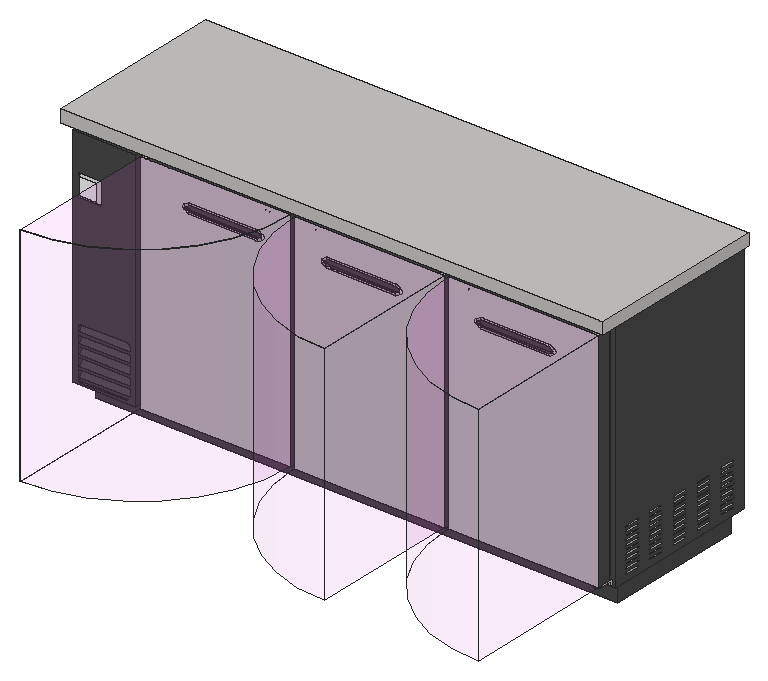
Revit family "QF_Kelvinator_738271_KCHBB72S_3-Solid_Door_Back_Bar_Refrigerator_Black_73_Long", category Specialty Equipment, Revit 2021
Family settings
  Round Connector Dimension = Use Diameter
  Part Type = Normal
  Work Plane-Based = No
  Always vertical = Yes
  Cut with Voids When Loaded = No
  Shared = No
  Room Calculation Point = No
Parameters
  Weight in Pounds = 268.964
  Watts = 300 W
  Volts = 115 V
  URL Cutsheet = ""
  Specification by User = ""
  Specification by Manufacturer = ""
  Serial Number = ""
  Seismic Rating = ""
  SMACNA No = ""
  Revision Code = ""
  Refrigerant Type = "R290"
  Phase = 1
  Number of Poles = 1
  NAFEM Spec ID Number = ""
  Model = "738271 (KCHBB72S)"
  Min Ckt Ampacity = 0 A
  Max Overcurrent Protection = 0 A
  Masterspec = ""
  Manufacturer = "Kelvinator Commercial"
  Length = 73.071"
  Item Number = "738271"
  Installed By = ""
  Identify Quantity as Lot = yes
  Height = 36.220"
  HP = "1/5"
  Furnished By = ""
  Foodservice Equipment Identifier = yes
  FL Amps = 3 A
  Electrical Remarks = ""
  Electric Connection Type = ""
  Elec Conn RI Height = 0.000"
  Elec Conn Connection Height = 0.000"
  Description = "3-Solid Door Back Bar Refrigerator Black 73\" Long"
  Depth = 24.409"
  Default Elevation = 0.000"
  Cycle = 60 Hz
  Conn Plug = "5-15P"
  Conn Conduit = yes
  CSI MasterFormat = ""
  Apparent Power = 0 VA
Reference planes (in)
  plane 1 "BACK": y = 0
  plane 2: z = 0
  plane 3 "LEFT": x = 0
  plane 4 "RIGHT": x = 73.071
  plane 5 "FRONT": y = -24.409
  plane 6 "TOP": z = 36.22
  plane 7 "Center Y": x = 36.5355
  plane 8 "Center X": y = -12.2045
Dimensions and locks (in)
  equal spacing: plane 3 "LEFT", plane 7 "Center Y", plane 4 "RIGHT"
  "Length": plane 3 "LEFT" to plane 4 "RIGHT"
  equal spacing: plane 5 "FRONT", plane 8 "Center X", plane 1 "BACK"
  "Depth": plane 5 "FRONT" to plane 1 "BACK"
  "Height": plane 6 "TOP" to level
  aligned and locked: level to plane 2
Nested families (in)
  nested 1: "KCHBB48S" at (0, 0, 0), type "KCHBB48S"
    with Show Clearance yes
Connectors (in)
  electrical at (36.53125, -0.715, 2.1875), driven by "Volts", driven by "Watts"
    settings: on nested 1, index 1, voltage 115 V, apparent load 300 VA, apparent load phase1 0 VA, apparent load phase2 0 VA, apparent load phase3 0 VA, power factor 1, load classification "Other", number of poles 1, system type 30, power factor state 1, is connector primary yes, connector utility no, sub classification motor no, connector description ""
Definition of nested family "KCHBB48S"
  Parameters (values of type "KCHBB48S")
    Weight in Pounds = 0
    URL Cutsheet = ""
    Specification by User = ""
    Specification by Manufacturer = ""
    Show Clearance [instance] = yes
    Serial Number = ""
    Seismic Rating = ""
    SMACNA No = ""
    Revision Code = ""
    NAFEM Spec ID Number = ""
    Masterspec = ""
    Length = 73.0625"
    Item Number = ""
    Installed By = ""
    Identify Quantity as Lot = yes
    Height = 36.1875"
    Furnished By = ""
    Foodservice Equipment Identifier = yes
    Depth = 24.4375"
    Default Elevation = 0.000"
    CSI MasterFormat = ""
  Reference planes (in)
    plane 1 "BACK": y = 0
    plane 2: z = 0
    plane 3 "LEFT": x = 0
    plane 4 "RIGHT": x = 73.0625
    plane 5 "FRONT": y = -24.4375
    plane 6 "TOP": z = 36.1875
    plane 7 "Center Y": x = 36.53125
    plane 8 "Center X": y = -12.21875
    plane 9: x = 72.46875
    plane 10: x = 0.59375
    plane 11: x = 71.96875
    plane 12: x = 51.76875
    plane 13: x = 30.46875
    plane 14: x = 10.26875
    plane 15: x = 9.68375
    plane 16: x = 1.18375
    plane 17: z = 2.6875
    plane 18: z = 34.5875
    plane 19: y = -40.8
    plane 20: y = -21.6
    plane 21: x = 1.34375
    plane 22: x = 71.71875
    plane 23: y = -1.34
    plane 24: y = -20.26
    plane 25: z = 33.8375
    plane 26: z = 3.4375
    plane 27: y = -22.1
    plane 28: x = 1.93375
    plane 29: x = 8.93375
    plane 30: x = 51.26875
    plane 31: x = 31.06875
  Forms (in)
    Extrusion 1, solid
      sketch origin (0.59375, -180, -2.6612) x (0, 0, -1) y (0, -1, 0)
        loop
          line (-5.3487, -180) -> (-5.3487, -158.4) -> (-37.2487, -158.4) -> (-37.2487, -180) -> (-5.3487, -180)
      from 0 to -71.875
    Extrusion 2, solid
      sketch origin (0, 0, 0) x (0, 1, 0) y (0, 0, 1)
        loop
          line (-24.4375, 36.1875) -> (-24.4375, 34.5875) -> (0, 34.5875) -> (0, 36.1875) -> (-24.4375, 36.1875)
      from 0 to 73.0625
    Extrusion 3, solid
      sketch origin (0, -1.34, 0) x (0, 0, -1) y (1, 0, 0)
        loop
          line (-2.6875, 1.34375) -> (0, 1.34375) -> (0, 71.71875) -> (-2.6875, 71.71875) -> (-2.6875, 1.34375)
      from 0 to 18.92
    Extrusion 4, solid
      sketch origin (0, -22.1, 34.5875) x (0, 0, 1) y (1, 0, 0)
        loop
          line (-0.75, 1.18375) -> (-0.75, 9.68375) -> (-31.15, 9.68375) -> (-31.15, 1.18375) -> (-0.75, 1.18375)
      from 0.5 to -1.75
    Extrusion 5, void
      sketch origin (1.93375, -180, 12.66737) x (0, 0, -1) y (0, -1, 0)
        loop
          line (8.97987, -157.025) -> (8.97987, -154.65) -> (1.85487, -154.65) -> (1.85487, -157.025) -> (2.10487, -157.025) -> (2.97987, -156.15) -> (3.22987, -156.15) -> (3.22987, -157.025) -> (3.47987, -157.025) -> (4.35487, -156.15) -> (4.60487, -156.15) -> (4.60487, -157.025) -> (4.85487, -157.025) -> (5.72987, -156.15) -> (5.97987, -156.15) -> (5.97987, -157.025) -> (6.22987, -157.025) -> (7.10487, -156.15) -> (7.35487, -156.15) -> (7.35487, -157.025) -> (7.60487, -157.025) -> (8.47987, -156.15) -> (8.72987, -156.15) -> (8.72987, -157.025) -> (8.97987, -157.025)
      from 0 to -7
    Extrusion 6, solid
      sketch origin (71.96875, -23.85, 3.4375) x (0, 0, 1) y (-1, 0, 0)
        loop
          line (7.375, 63.535) -> (7.375, 69.535)
          arc (7.375, 69.535) -> (7.22855, 69.88855) -> (6.875, 70.035) r 0.5
          line (6.875, 70.035) -> (0.75, 70.035)
          arc (0.75, 70.035) -> (0.39645, 69.88855) -> (0.25, 69.535) r 0.5
          line (0.25, 69.535) -> (0.25, 63.535)
          arc (0.25, 63.535) -> (0.39645, 63.18145) -> (0.75, 63.035) r 0.5
          line (0.75, 63.035) -> (6.875, 63.035)
          arc (6.875, 63.035) -> (7.22855, 63.18145) -> (7.375, 63.535) r 0.5
        loop
          line (7.625, 63.535) -> (7.625, 69.535)
          arc (7.625, 69.535) -> (7.40533, 70.06533) -> (6.875, 70.285) r 0.75
          line (6.875, 70.285) -> (0.75, 70.285)
          arc (0.75, 70.285) -> (0.21967, 70.06533) -> (0, 69.535) r 0.75
          line (0, 69.535) -> (0, 63.535)
          arc (0, 63.535) -> (0.21967, 63.00467) -> (0.75, 62.785) r 0.75
          line (0.75, 62.785) -> (6.875, 62.785)
          arc (6.875, 62.785) -> (7.40533, 63.00467) -> (7.625, 63.535) r 0.75
      from 0 to -0.875
    Blend 7, solid
      base sketch origin (71.96875, -23.85, 3.4375) x (0, 0, 1) y (-1, 0, 0)
        loop
          line (25.18493, 69.65025) -> (22.93493, 69.65025) -> (22.93493, 67.40025) -> (25.18493, 67.40025) -> (25.18493, 69.65025)
      top sketch origin (71.96875, -23.85, 3.4375) x (0, 0, 1) y (-1, 0, 0)
        loop
          line (25.56493, 70.03025) -> (22.55493, 70.03025) -> (22.55493, 67.02025) -> (25.56493, 67.02025) -> (25.56493, 70.03025)
      from 0.21643 to 0
    Extrusion 8, void
      sketch origin (0.59375, -180, -2.6612) x (0, 0, 1) y (0, -1, 0)
        loop
          arc (12.07129, -160.16063) -> (11.91504, -160.00438) -> (11.75879, -160.16063) r 0.15625
          line (11.75879, -160.16063) -> (11.75879, -162.09813)
          arc (11.75879, -162.09813) -> (11.91504, -162.25438) -> (12.07129, -162.09813) r 0.15625
          line (12.07129, -162.09813) -> (12.07129, -160.16063)
        loop
          arc (11.50879, -160.16063) -> (11.35254, -160.00438) -> (11.19629, -160.16063) r 0.15625
          line (11.19629, -160.16063) -> (11.19629, -162.09813)
          arc (11.19629, -162.09813) -> (11.35254, -162.25438) -> (11.50879, -162.09813) r 0.15625
          line (11.50879, -162.09813) -> (11.50879, -160.16063)
        loop
          arc (10.94629, -160.16063) -> (10.79004, -160.00438) -> (10.63379, -160.16063) r 0.15625
          line (10.63379, -160.16063) -> (10.63379, -162.09813)
          arc (10.63379, -162.09813) -> (10.79004, -162.25438) -> (10.94629, -162.09813) r 0.15625
          line (10.94629, -162.09813) -> (10.94629, -160.16063)
        loop
          arc (10.38379, -160.16063) -> (10.22754, -160.00438) -> (10.07129, -160.16063) r 0.15625
          line (10.07129, -160.16063) -> (10.07129, -162.09813)
          arc (10.07129, -162.09813) -> (10.22754, -162.25438) -> (10.38379, -162.09813) r 0.15625
          line (10.38379, -162.09813) -> (10.38379, -160.16063)
        loop
          arc (9.82129, -160.16063) -> (9.66504, -160.00438) -> (9.50879, -160.16063) r 0.15625
          line (9.50879, -160.16063) -> (9.50879, -162.09813)
          arc (9.50879, -162.09813) -> (9.66504, -162.25438) -> (9.82129, -162.09813) r 0.15625
          line (9.82129, -162.09813) -> (9.82129, -160.16063)
        loop
          arc (9.25879, -160.16063) -> (9.10254, -160.00438) -> (8.94629, -160.16063) r 0.15625
          line (8.94629, -160.16063) -> (8.94629, -162.09813)
          arc (8.94629, -162.09813) -> (9.10254, -162.25438) -> (9.25879, -162.09813) r 0.15625
          line (9.25879, -162.09813) -> (9.25879, -160.16063)
        loop
          arc (8.69629, -160.16063) -> (8.54004, -160.00438) -> (8.38379, -160.16063) r 0.15625
          line (8.38379, -160.16063) -> (8.38379, -162.09813)
          arc (8.38379, -162.09813) -> (8.54004, -162.25438) -> (8.69629, -162.09813) r 0.15625
          line (8.69629, -162.09813) -> (8.69629, -160.16063)
        loop
          arc (8.13379, -160.16063) -> (7.97754, -160.00438) -> (7.82129, -160.16063) r 0.15625
          line (7.82129, -160.16063) -> (7.82129, -162.09813)
          arc (7.82129, -162.09813) -> (7.97754, -162.25438) -> (8.13379, -162.09813) r 0.15625
          line (8.13379, -162.09813) -> (8.13379, -160.16063)
        loop
          arc (7.57129, -160.16063) -> (7.41504, -160.00438) -> (7.25879, -160.16063) r 0.15625
          line (7.25879, -160.16063) -> (7.25879, -162.09813)
          arc (7.25879, -162.09813) -> (7.41504, -162.25438) -> (7.57129, -162.09813) r 0.15625
          line (7.57129, -162.09813) -> (7.57129, -160.16063)
        loop
          arc (7.00879, -160.16063) -> (6.85254, -160.00438) -> (6.69629, -160.16063) r 0.15625
          line (6.69629, -160.16063) -> (6.69629, -162.09813)
          arc (6.69629, -162.09813) -> (6.85254, -162.25438) -> (7.00879, -162.09813) r 0.15625
          line (7.00879, -162.09813) -> (7.00879, -160.16063)
        loop
          arc (6.44629, -160.16063) -> (6.29004, -160.00438) -> (6.13379, -160.16063) r 0.15625
          line (6.13379, -160.16063) -> (6.13379, -162.09813)
          arc (6.13379, -162.09813) -> (6.29004, -162.25438) -> (6.44629, -162.09813) r 0.15625
          line (6.44629, -162.09813) -> (6.44629, -160.16063)
        loop
          arc (12.07129, -164.16063) -> (11.91504, -164.00438) -> (11.75879, -164.16063) r 0.15625
          line (11.75879, -164.16063) -> (11.75879, -166.09813)
          arc (11.75879, -166.09813) -> (11.91504, -166.25438) -> (12.07129, -166.09813) r 0.15625
          line (12.07129, -166.09813) -> (12.07129, -164.16063)
        loop
          arc (11.50879, -164.16063) -> (11.35254, -164.00438) -> (11.19629, -164.16063) r 0.15625
          line (11.19629, -164.16063) -> (11.19629, -166.09813)
          arc (11.19629, -166.09813) -> (11.35254, -166.25438) -> (11.50879, -166.09813) r 0.15625
          line (11.50879, -166.09813) -> (11.50879, -164.16063)
        loop
          arc (10.94629, -164.16063) -> (10.79004, -164.00438) -> (10.63379, -164.16063) r 0.15625
          line (10.63379, -164.16063) -> (10.63379, -166.09813)
          arc (10.63379, -166.09813) -> (10.79004, -166.25438) -> (10.94629, -166.09813) r 0.15625
          line (10.94629, -166.09813) -> (10.94629, -164.16063)
        loop
          arc (10.38379, -164.16063) -> (10.22754, -164.00438) -> (10.07129, -164.16063) r 0.15625
          line (10.07129, -164.16063) -> (10.07129, -166.09813)
          arc (10.07129, -166.09813) -> (10.22754, -166.25438) -> (10.38379, -166.09813) r 0.15625
          line (10.38379, -166.09813) -> (10.38379, -164.16063)
        loop
          arc (9.82129, -164.16063) -> (9.66504, -164.00438) -> (9.50879, -164.16063) r 0.15625
          line (9.50879, -164.16063) -> (9.50879, -166.09813)
          arc (9.50879, -166.09813) -> (9.66504, -166.25438) -> (9.82129, -166.09813) r 0.15625
          line (9.82129, -166.09813) -> (9.82129, -164.16063)
        loop
          arc (9.25879, -164.16063) -> (9.10254, -164.00438) -> (8.94629, -164.16063) r 0.15625
          line (8.94629, -164.16063) -> (8.94629, -166.09813)
          arc (8.94629, -166.09813) -> (9.10254, -166.25438) -> (9.25879, -166.09813) r 0.15625
          line (9.25879, -166.09813) -> (9.25879, -164.16063)
        loop
          arc (8.69629, -164.16063) -> (8.54004, -164.00438) -> (8.38379, -164.16063) r 0.15625
          line (8.38379, -164.16063) -> (8.38379, -166.09813)
          arc (8.38379, -166.09813) -> (8.54004, -166.25438) -> (8.69629, -166.09813) r 0.15625
          line (8.69629, -166.09813) -> (8.69629, -164.16063)
        loop
          arc (8.13379, -164.16063) -> (7.97754, -164.00438) -> (7.82129, -164.16063) r 0.15625
          line (7.82129, -164.16063) -> (7.82129, -166.09813)
          arc (7.82129, -166.09813) -> (7.97754, -166.25438) -> (8.13379, -166.09813) r 0.15625
          line (8.13379, -166.09813) -> (8.13379, -164.16063)
        loop
          arc (7.57129, -164.16063) -> (7.41504, -164.00438) -> (7.25879, -164.16063) r 0.15625
          line (7.25879, -164.16063) -> (7.25879, -166.09813)
          arc (7.25879, -166.09813) -> (7.41504, -166.25438) -> (7.57129, -166.09813) r 0.15625
          line (7.57129, -166.09813) -> (7.57129, -164.16063)
        loop
          arc (7.00879, -164.16063) -> (6.85254, -164.00438) -> (6.69629, -164.16063) r 0.15625
          line (6.69629, -164.16063) -> (6.69629, -166.09813)
          arc (6.69629, -166.09813) -> (6.85254, -166.25438) -> (7.00879, -166.09813) r 0.15625
          line (7.00879, -166.09813) -> (7.00879, -164.16063)
        loop
          arc (6.44629, -164.16063) -> (6.29004, -164.00438) -> (6.13379, -164.16063) r 0.15625
          line (6.13379, -164.16063) -> (6.13379, -166.09813)
          arc (6.13379, -166.09813) -> (6.29004, -166.25438) -> (6.44629, -166.09813) r 0.15625
          line (6.44629, -166.09813) -> (6.44629, -164.16063)
        loop
          arc (12.07129, -168.16063) -> (11.91504, -168.00438) -> (11.75879, -168.16063) r 0.15625
          line (11.75879, -168.16063) -> (11.75879, -170.09813)
          arc (11.75879, -170.09813) -> (11.91504, -170.25438) -> (12.07129, -170.09813) r 0.15625
          line (12.07129, -170.09813) -> (12.07129, -168.16063)
        loop
          arc (11.50879, -168.16063) -> (11.35254, -168.00438) -> (11.19629, -168.16063) r 0.15625
          line (11.19629, -168.16063) -> (11.19629, -170.09813)
          arc (11.19629, -170.09813) -> (11.35254, -170.25438) -> (11.50879, -170.09813) r 0.15625
          line (11.50879, -170.09813) -> (11.50879, -168.16063)
        loop
          arc (10.94629, -168.16063) -> (10.79004, -168.00438) -> (10.63379, -168.16063) r 0.15625
          line (10.63379, -168.16063) -> (10.63379, -170.09813)
          arc (10.63379, -170.09813) -> (10.79004, -170.25438) -> (10.94629, -170.09813) r 0.15625
          line (10.94629, -170.09813) -> (10.94629, -168.16063)
        loop
          arc (10.38379, -168.16063) -> (10.22754, -168.00438) -> (10.07129, -168.16063) r 0.15625
          line (10.07129, -168.16063) -> (10.07129, -170.09813)
          arc (10.07129, -170.09813) -> (10.22754, -170.25438) -> (10.38379, -170.09813) r 0.15625
          line (10.38379, -170.09813) -> (10.38379, -168.16063)
        loop
          arc (9.82129, -168.16063) -> (9.66504, -168.00438) -> (9.50879, -168.16063) r 0.15625
          line (9.50879, -168.16063) -> (9.50879, -170.09813)
          arc (9.50879, -170.09813) -> (9.66504, -170.25438) -> (9.82129, -170.09813) r 0.15625
          line (9.82129, -170.09813) -> (9.82129, -168.16063)
        loop
          arc (9.25879, -168.16063) -> (9.10254, -168.00438) -> (8.94629, -168.16063) r 0.15625
          line (8.94629, -168.16063) -> (8.94629, -170.09813)
          arc (8.94629, -170.09813) -> (9.10254, -170.25438) -> (9.25879, -170.09813) r 0.15625
          line (9.25879, -170.09813) -> (9.25879, -168.16063)
        loop
          arc (8.69629, -168.16063) -> (8.54004, -168.00438) -> (8.38379, -168.16063) r 0.15625
          line (8.38379, -168.16063) -> (8.38379, -170.09813)
          arc (8.38379, -170.09813) -> (8.54004, -170.25438) -> (8.69629, -170.09813) r 0.15625
          line (8.69629, -170.09813) -> (8.69629, -168.16063)
        loop
          arc (8.13379, -168.16063) -> (7.97754, -168.00438) -> (7.82129, -168.16063) r 0.15625
          line (7.82129, -168.16063) -> (7.82129, -170.09813)
          arc (7.82129, -170.09813) -> (7.97754, -170.25438) -> (8.13379, -170.09813) r 0.15625
          line (8.13379, -170.09813) -> (8.13379, -168.16063)
        loop
          arc (7.57129, -168.16063) -> (7.41504, -168.00438) -> (7.25879, -168.16063) r 0.15625
          line (7.25879, -168.16063) -> (7.25879, -170.09813)
          arc (7.25879, -170.09813) -> (7.41504, -170.25438) -> (7.57129, -170.09813) r 0.15625
          line (7.57129, -170.09813) -> (7.57129, -168.16063)
        loop
          arc (7.00879, -168.16063) -> (6.85254, -168.00438) -> (6.69629, -168.16063) r 0.15625
          line (6.69629, -168.16063) -> (6.69629, -170.09813)
          arc (6.69629, -170.09813) -> (6.85254, -170.25438) -> (7.00879, -170.09813) r 0.15625
          line (7.00879, -170.09813) -> (7.00879, -168.16063)
        loop
          arc (6.44629, -168.16063) -> (6.29004, -168.00438) -> (6.13379, -168.16063) r 0.15625
          line (6.13379, -168.16063) -> (6.13379, -170.09813)
          arc (6.13379, -170.09813) -> (6.29004, -170.25438) -> (6.44629, -170.09813) r 0.15625
          line (6.44629, -170.09813) -> (6.44629, -168.16063)
        loop
          arc (12.07129, -172.16063) -> (11.91504, -172.00438) -> (11.75879, -172.16063) r 0.15625
          line (11.75879, -172.16063) -> (11.75879, -174.09813)
          arc (11.75879, -174.09813) -> (11.91504, -174.25438) -> (12.07129, -174.09813) r 0.15625
          line (12.07129, -174.09813) -> (12.07129, -172.16063)
        loop
          arc (11.50879, -172.16063) -> (11.35254, -172.00438) -> (11.19629, -172.16063) r 0.15625
          line (11.19629, -172.16063) -> (11.19629, -174.09813)
          arc (11.19629, -174.09813) -> (11.35254, -174.25438) -> (11.50879, -174.09813) r 0.15625
          line (11.50879, -174.09813) -> (11.50879, -172.16063)
        loop
          arc (10.94629, -172.16063) -> (10.79004, -172.00438) -> (10.63379, -172.16063) r 0.15625
          line (10.63379, -172.16063) -> (10.63379, -174.09813)
          arc (10.63379, -174.09813) -> (10.79004, -174.25438) -> (10.94629, -174.09813) r 0.15625
          line (10.94629, -174.09813) -> (10.94629, -172.16063)
        loop
          arc (10.38379, -172.16063) -> (10.22754, -172.00438) -> (10.07129, -172.16063) r 0.15625
          line (10.07129, -172.16063) -> (10.07129, -174.09813)
          arc (10.07129, -174.09813) -> (10.22754, -174.25438) -> (10.38379, -174.09813) r 0.15625
          line (10.38379, -174.09813) -> (10.38379, -172.16063)
        loop
          arc (9.82129, -172.16063) -> (9.66504, -172.00438) -> (9.50879, -172.16063) r 0.15625
          line (9.50879, -172.16063) -> (9.50879, -174.09813)
          arc (9.50879, -174.09813) -> (9.66504, -174.25438) -> (9.82129, -174.09813) r 0.15625
          line (9.82129, -174.09813) -> (9.82129, -172.16063)
        loop
          arc (9.25879, -172.16063) -> (9.10254, -172.00438) -> (8.94629, -172.16063) r 0.15625
          line (8.94629, -172.16063) -> (8.94629, -174.09813)
          arc (8.94629, -174.09813) -> (9.10254, -174.25438) -> (9.25879, -174.09813) r 0.15625
          line (9.25879, -174.09813) -> (9.25879, -172.16063)
        loop
          arc (8.69629, -172.16063) -> (8.54004, -172.00438) -> (8.38379, -172.16063) r 0.15625
          line (8.38379, -172.16063) -> (8.38379, -174.09813)
          arc (8.38379, -174.09813) -> (8.54004, -174.25438) -> (8.69629, -174.09813) r 0.15625
          line (8.69629, -174.09813) -> (8.69629, -172.16063)
        loop
          arc (8.13379, -172.16063) -> (7.97754, -172.00438) -> (7.82129, -172.16063) r 0.15625
          line (7.82129, -172.16063) -> (7.82129, -174.09813)
          arc (7.82129, -174.09813) -> (7.97754, -174.25438) -> (8.13379, -174.09813) r 0.15625
          line (8.13379, -174.09813) -> (8.13379, -172.16063)
        loop
          arc (7.57129, -172.16063) -> (7.41504, -172.00438) -> (7.25879, -172.16063) r 0.15625
          line (7.25879, -172.16063) -> (7.25879, -174.09813)
          arc (7.25879, -174.09813) -> (7.41504, -174.25438) -> (7.57129, -174.09813) r 0.15625
          line (7.57129, -174.09813) -> (7.57129, -172.16063)
        loop
          arc (7.00879, -172.16063) -> (6.85254, -172.00438) -> (6.69629, -172.16063) r 0.15625
          line (6.69629, -172.16063) -> (6.69629, -174.09813)
          arc (6.69629, -174.09813) -> (6.85254, -174.25438) -> (7.00879, -174.09813) r 0.15625
          line (7.00879, -174.09813) -> (7.00879, -172.16063)
        loop
          arc (6.44629, -172.16063) -> (6.29004, -172.00438) -> (6.13379, -172.16063) r 0.15625
          line (6.13379, -172.16063) -> (6.13379, -174.09813)
          arc (6.13379, -174.09813) -> (6.29004, -174.25438) -> (6.44629, -174.09813) r 0.15625
          line (6.44629, -174.09813) -> (6.44629, -172.16063)
        loop
          arc (12.07129, -176.16063) -> (11.91504, -176.00438) -> (11.75879, -176.16063) r 0.15625
          line (11.75879, -176.16063) -> (11.75879, -178.09813)
          arc (11.75879, -178.09813) -> (11.91504, -178.25438) -> (12.07129, -178.09813) r 0.15625
          line (12.07129, -178.09813) -> (12.07129, -176.16063)
        loop
          arc (11.50879, -176.16063) -> (11.35254, -176.00438) -> (11.19629, -176.16063) r 0.15625
          line (11.19629, -176.16063) -> (11.19629, -178.09813)
          arc (11.19629, -178.09813) -> (11.35254, -178.25438) -> (11.50879, -178.09813) r 0.15625
          line (11.50879, -178.09813) -> (11.50879, -176.16063)
        loop
          arc (10.94629, -176.16063) -> (10.79004, -176.00438) -> (10.63379, -176.16063) r 0.15625
          line (10.63379, -176.16063) -> (10.63379, -178.09813)
          arc (10.63379, -178.09813) -> (10.79004, -178.25438) -> (10.94629, -178.09813) r 0.15625
          line (10.94629, -178.09813) -> (10.94629, -176.16063)
        loop
          arc (10.38379, -176.16063) -> (10.22754, -176.00438) -> (10.07129, -176.16063) r 0.15625
          line (10.07129, -176.16063) -> (10.07129, -178.09813)
          arc (10.07129, -178.09813) -> (10.22754, -178.25438) -> (10.38379, -178.09813) r 0.15625
          line (10.38379, -178.09813) -> (10.38379, -176.16063)
        loop
          arc (9.82129, -176.16063) -> (9.66504, -176.00438) -> (9.50879, -176.16063) r 0.15625
          line (9.50879, -176.16063) -> (9.50879, -178.09813)
          arc (9.50879, -178.09813) -> (9.66504, -178.25438) -> (9.82129, -178.09813) r 0.15625
          line (9.82129, -178.09813) -> (9.82129, -176.16063)
        loop
          arc (9.25879, -176.16063) -> (9.10254, -176.00438) -> (8.94629, -176.16063) r 0.15625
          line (8.94629, -176.16063) -> (8.94629, -178.09813)
          arc (8.94629, -178.09813) -> (9.10254, -178.25438) -> (9.25879, -178.09813) r 0.15625
          line (9.25879, -178.09813) -> (9.25879, -176.16063)
        loop
          arc (8.69629, -176.16063) -> (8.54004, -176.00438) -> (8.38379, -176.16063) r 0.15625
          line (8.38379, -176.16063) -> (8.38379, -178.09813)
          arc (8.38379, -178.09813) -> (8.54004, -178.25438) -> (8.69629, -178.09813) r 0.15625
          line (8.69629, -178.09813) -> (8.69629, -176.16063)
        loop
          arc (8.13379, -176.16063) -> (7.97754, -176.00438) -> (7.82129, -176.16063) r 0.15625
          line (7.82129, -176.16063) -> (7.82129, -178.09813)
          arc (7.82129, -178.09813) -> (7.97754, -178.25438) -> (8.13379, -178.09813) r 0.15625
          line (8.13379, -178.09813) -> (8.13379, -176.16063)
        loop
          arc (7.57129, -176.16063) -> (7.41504, -176.00438) -> (7.25879, -176.16063) r 0.15625
          line (7.25879, -176.16063) -> (7.25879, -178.09813)
          arc (7.25879, -178.09813) -> (7.41504, -178.25438) -> (7.57129, -178.09813) r 0.15625
          line (7.57129, -178.09813) -> (7.57129, -176.16063)
        loop
          arc (7.00879, -176.16063) -> (6.85254, -176.00438) -> (6.69629, -176.16063) r 0.15625
          line (6.69629, -176.16063) -> (6.69629, -178.09813)
          arc (6.69629, -178.09813) -> (6.85254, -178.25438) -> (7.00879, -178.09813) r 0.15625
          line (7.00879, -178.09813) -> (7.00879, -176.16063)
        loop
          arc (6.44629, -176.16063) -> (6.29004, -176.00438) -> (6.13379, -176.16063) r 0.15625
          line (6.13379, -176.16063) -> (6.13379, -178.09813)
          arc (6.13379, -178.09813) -> (6.29004, -178.25438) -> (6.44629, -178.09813) r 0.15625
          line (6.44629, -178.09813) -> (6.44629, -176.16063)
      from 0 to 0.03
    Extrusion 9, void
      sketch origin (72.46875, -180, -2.6612) x (0, 0, -1) y (0, -1, 0)
        loop
          line (-12.07129, -160.16063) -> (-12.07129, -162.09813)
          arc (-12.07129, -162.09813) -> (-11.91504, -162.25438) -> (-11.75879, -162.09813) r 0.15625
          line (-11.75879, -162.09813) -> (-11.75879, -160.16063)
          arc (-11.75879, -160.16063) -> (-11.91504, -160.00438) -> (-12.07129, -160.16063) r 0.15625
        loop
          line (-11.50879, -160.16063) -> (-11.50879, -162.09813)
          arc (-11.50879, -162.09813) -> (-11.35254, -162.25438) -> (-11.19629, -162.09813) r 0.15625
          line (-11.19629, -162.09813) -> (-11.19629, -160.16063)
          arc (-11.19629, -160.16063) -> (-11.35254, -160.00438) -> (-11.50879, -160.16063) r 0.15625
        loop
          line (-10.94629, -160.16063) -> (-10.94629, -162.09813)
          arc (-10.94629, -162.09813) -> (-10.79004, -162.25438) -> (-10.63379, -162.09813) r 0.15625
          line (-10.63379, -162.09813) -> (-10.63379, -160.16063)
          arc (-10.63379, -160.16063) -> (-10.79004, -160.00438) -> (-10.94629, -160.16063) r 0.15625
        loop
          line (-10.38379, -160.16063) -> (-10.38379, -162.09813)
          arc (-10.38379, -162.09813) -> (-10.22754, -162.25438) -> (-10.07129, -162.09813) r 0.15625
          line (-10.07129, -162.09813) -> (-10.07129, -160.16063)
          arc (-10.07129, -160.16063) -> (-10.22754, -160.00438) -> (-10.38379, -160.16063) r 0.15625
        loop
          line (-9.82129, -160.16063) -> (-9.82129, -162.09813)
          arc (-9.82129, -162.09813) -> (-9.66504, -162.25438) -> (-9.50879, -162.09813) r 0.15625
          line (-9.50879, -162.09813) -> (-9.50879, -160.16063)
          arc (-9.50879, -160.16063) -> (-9.66504, -160.00438) -> (-9.82129, -160.16063) r 0.15625
        loop
          line (-9.25879, -160.16063) -> (-9.25879, -162.09813)
          arc (-9.25879, -162.09813) -> (-9.10254, -162.25438) -> (-8.94629, -162.09813) r 0.15625
          line (-8.94629, -162.09813) -> (-8.94629, -160.16063)
          arc (-8.94629, -160.16063) -> (-9.10254, -160.00438) -> (-9.25879, -160.16063) r 0.15625
        loop
          line (-8.69629, -160.16063) -> (-8.69629, -162.09813)
          arc (-8.69629, -162.09813) -> (-8.54004, -162.25438) -> (-8.38379, -162.09813) r 0.15625
          line (-8.38379, -162.09813) -> (-8.38379, -160.16063)
          arc (-8.38379, -160.16063) -> (-8.54004, -160.00438) -> (-8.69629, -160.16063) r 0.15625
        loop
          line (-8.13379, -160.16063) -> (-8.13379, -162.09813)
          arc (-8.13379, -162.09813) -> (-7.97754, -162.25438) -> (-7.82129, -162.09813) r 0.15625
          line (-7.82129, -162.09813) -> (-7.82129, -160.16063)
          arc (-7.82129, -160.16063) -> (-7.97754, -160.00438) -> (-8.13379, -160.16063) r 0.15625
        loop
          line (-7.57129, -160.16063) -> (-7.57129, -162.09813)
          arc (-7.57129, -162.09813) -> (-7.41504, -162.25438) -> (-7.25879, -162.09813) r 0.15625
          line (-7.25879, -162.09813) -> (-7.25879, -160.16063)
          arc (-7.25879, -160.16063) -> (-7.41504, -160.00438) -> (-7.57129, -160.16063) r 0.15625
        loop
          line (-7.00879, -160.16063) -> (-7.00879, -162.09813)
          arc (-7.00879, -162.09813) -> (-6.85254, -162.25438) -> (-6.69629, -162.09813) r 0.15625
          line (-6.69629, -162.09813) -> (-6.69629, -160.16063)
          arc (-6.69629, -160.16063) -> (-6.85254, -160.00438) -> (-7.00879, -160.16063) r 0.15625
        loop
          line (-6.44629, -160.16063) -> (-6.44629, -162.09813)
          arc (-6.44629, -162.09813) -> (-6.29004, -162.25438) -> (-6.13379, -162.09813) r 0.15625
          line (-6.13379, -162.09813) -> (-6.13379, -160.16063)
          arc (-6.13379, -160.16063) -> (-6.29004, -160.00438) -> (-6.44629, -160.16063) r 0.15625
        loop
          line (-12.07129, -164.16063) -> (-12.07129, -166.09813)
          arc (-12.07129, -166.09813) -> (-11.91504, -166.25438) -> (-11.75879, -166.09813) r 0.15625
          line (-11.75879, -166.09813) -> (-11.75879, -164.16063)
          arc (-11.75879, -164.16063) -> (-11.91504, -164.00438) -> (-12.07129, -164.16063) r 0.15625
        loop
          line (-11.50879, -164.16063) -> (-11.50879, -166.09813)
          arc (-11.50879, -166.09813) -> (-11.35254, -166.25438) -> (-11.19629, -166.09813) r 0.15625
          line (-11.19629, -166.09813) -> (-11.19629, -164.16063)
          arc (-11.19629, -164.16063) -> (-11.35254, -164.00438) -> (-11.50879, -164.16063) r 0.15625
        loop
          line (-10.94629, -164.16063) -> (-10.94629, -166.09813)
          arc (-10.94629, -166.09813) -> (-10.79004, -166.25438) -> (-10.63379, -166.09813) r 0.15625
          line (-10.63379, -166.09813) -> (-10.63379, -164.16063)
          arc (-10.63379, -164.16063) -> (-10.79004, -164.00438) -> (-10.94629, -164.16063) r 0.15625
        loop
          line (-10.38379, -164.16063) -> (-10.38379, -166.09813)
          arc (-10.38379, -166.09813) -> (-10.22754, -166.25438) -> (-10.07129, -166.09813) r 0.15625
          line (-10.07129, -166.09813) -> (-10.07129, -164.16063)
          arc (-10.07129, -164.16063) -> (-10.22754, -164.00438) -> (-10.38379, -164.16063) r 0.15625
        loop
          line (-9.82129, -164.16063) -> (-9.82129, -166.09813)
          arc (-9.82129, -166.09813) -> (-9.66504, -166.25438) -> (-9.50879, -166.09813) r 0.15625
          line (-9.50879, -166.09813) -> (-9.50879, -164.16063)
          arc (-9.50879, -164.16063) -> (-9.66504, -164.00438) -> (-9.82129, -164.16063) r 0.15625
        loop
          line (-9.25879, -164.16063) -> (-9.25879, -166.09813)
          arc (-9.25879, -166.09813) -> (-9.10254, -166.25438) -> (-8.94629, -166.09813) r 0.15625
          line (-8.94629, -166.09813) -> (-8.94629, -164.16063)
          arc (-8.94629, -164.16063) -> (-9.10254, -164.00438) -> (-9.25879, -164.16063) r 0.15625
        loop
          line (-8.69629, -164.16063) -> (-8.69629, -166.09813)
          arc (-8.69629, -166.09813) -> (-8.54004, -166.25438) -> (-8.38379, -166.09813) r 0.15625
          line (-8.38379, -166.09813) -> (-8.38379, -164.16063)
          arc (-8.38379, -164.16063) -> (-8.54004, -164.00438) -> (-8.69629, -164.16063) r 0.15625
        loop
          line (-8.13379, -164.16063) -> (-8.13379, -166.09813)
          arc (-8.13379, -166.09813) -> (-7.97754, -166.25438) -> (-7.82129, -166.09813) r 0.15625
          line (-7.82129, -166.09813) -> (-7.82129, -164.16063)
          arc (-7.82129, -164.16063) -> (-7.97754, -164.00438) -> (-8.13379, -164.16063) r 0.15625
        loop
          line (-7.57129, -164.16063) -> (-7.57129, -166.09813)
          arc (-7.57129, -166.09813) -> (-7.41504, -166.25438) -> (-7.25879, -166.09813) r 0.15625
          line (-7.25879, -166.09813) -> (-7.25879, -164.16063)
          arc (-7.25879, -164.16063) -> (-7.41504, -164.00438) -> (-7.57129, -164.16063) r 0.15625
        loop
          line (-7.00879, -164.16063) -> (-7.00879, -166.09813)
          arc (-7.00879, -166.09813) -> (-6.85254, -166.25438) -> (-6.69629, -166.09813) r 0.15625
          line (-6.69629, -166.09813) -> (-6.69629, -164.16063)
          arc (-6.69629, -164.16063) -> (-6.85254, -164.00438) -> (-7.00879, -164.16063) r 0.15625
        loop
          line (-6.44629, -164.16063) -> (-6.44629, -166.09813)
          arc (-6.44629, -166.09813) -> (-6.29004, -166.25438) -> (-6.13379, -166.09813) r 0.15625
          line (-6.13379, -166.09813) -> (-6.13379, -164.16063)
          arc (-6.13379, -164.16063) -> (-6.29004, -164.00438) -> (-6.44629, -164.16063) r 0.15625
        loop
          line (-12.07129, -168.16063) -> (-12.07129, -170.09813)
          arc (-12.07129, -170.09813) -> (-11.91504, -170.25438) -> (-11.75879, -170.09813) r 0.15625
          line (-11.75879, -170.09813) -> (-11.75879, -168.16063)
          arc (-11.75879, -168.16063) -> (-11.91504, -168.00438) -> (-12.07129, -168.16063) r 0.15625
        loop
          line (-11.50879, -168.16063) -> (-11.50879, -170.09813)
          arc (-11.50879, -170.09813) -> (-11.35254, -170.25438) -> (-11.19629, -170.09813) r 0.15625
          line (-11.19629, -170.09813) -> (-11.19629, -168.16063)
          arc (-11.19629, -168.16063) -> (-11.35254, -168.00438) -> (-11.50879, -168.16063) r 0.15625
        loop
          line (-10.94629, -168.16063) -> (-10.94629, -170.09813)
          arc (-10.94629, -170.09813) -> (-10.79004, -170.25438) -> (-10.63379, -170.09813) r 0.15625
          line (-10.63379, -170.09813) -> (-10.63379, -168.16063)
          arc (-10.63379, -168.16063) -> (-10.79004, -168.00438) -> (-10.94629, -168.16063) r 0.15625
        loop
          line (-10.38379, -168.16063) -> (-10.38379, -170.09813)
          arc (-10.38379, -170.09813) -> (-10.22754, -170.25438) -> (-10.07129, -170.09813) r 0.15625
          line (-10.07129, -170.09813) -> (-10.07129, -168.16063)
          arc (-10.07129, -168.16063) -> (-10.22754, -168.00438) -> (-10.38379, -168.16063) r 0.15625
        loop
          line (-9.82129, -168.16063) -> (-9.82129, -170.09813)
          arc (-9.82129, -170.09813) -> (-9.66504, -170.25438) -> (-9.50879, -170.09813) r 0.15625
          line (-9.50879, -170.09813) -> (-9.50879, -168.16063)
          arc (-9.50879, -168.16063) -> (-9.66504, -168.00438) -> (-9.82129, -168.16063) r 0.15625
        loop
          line (-9.25879, -168.16063) -> (-9.25879, -170.09813)
          arc (-9.25879, -170.09813) -> (-9.10254, -170.25438) -> (-8.94629, -170.09813) r 0.15625
          line (-8.94629, -170.09813) -> (-8.94629, -168.16063)
          arc (-8.94629, -168.16063) -> (-9.10254, -168.00438) -> (-9.25879, -168.16063) r 0.15625
        loop
          line (-8.69629, -168.16063) -> (-8.69629, -170.09813)
          arc (-8.69629, -170.09813) -> (-8.54004, -170.25438) -> (-8.38379, -170.09813) r 0.15625
          line (-8.38379, -170.09813) -> (-8.38379, -168.16063)
          arc (-8.38379, -168.16063) -> (-8.54004, -168.00438) -> (-8.69629, -168.16063) r 0.15625
        loop
          line (-8.13379, -168.16063) -> (-8.13379, -170.09813)
          arc (-8.13379, -170.09813) -> (-7.97754, -170.25438) -> (-7.82129, -170.09813) r 0.15625
          line (-7.82129, -170.09813) -> (-7.82129, -168.16063)
          arc (-7.82129, -168.16063) -> (-7.97754, -168.00438) -> (-8.13379, -168.16063) r 0.15625
        loop
          line (-7.57129, -168.16063) -> (-7.57129, -170.09813)
          arc (-7.57129, -170.09813) -> (-7.41504, -170.25438) -> (-7.25879, -170.09813) r 0.15625
          line (-7.25879, -170.09813) -> (-7.25879, -168.16063)
          arc (-7.25879, -168.16063) -> (-7.41504, -168.00438) -> (-7.57129, -168.16063) r 0.15625
        loop
          line (-7.00879, -168.16063) -> (-7.00879, -170.09813)
          arc (-7.00879, -170.09813) -> (-6.85254, -170.25438) -> (-6.69629, -170.09813) r 0.15625
          line (-6.69629, -170.09813) -> (-6.69629, -168.16063)
          arc (-6.69629, -168.16063) -> (-6.85254, -168.00438) -> (-7.00879, -168.16063) r 0.15625
        loop
          line (-6.44629, -168.16063) -> (-6.44629, -170.09813)
          arc (-6.44629, -170.09813) -> (-6.29004, -170.25438) -> (-6.13379, -170.09813) r 0.15625
          line (-6.13379, -170.09813) -> (-6.13379, -168.16063)
          arc (-6.13379, -168.16063) -> (-6.29004, -168.00438) -> (-6.44629, -168.16063) r 0.15625
        loop
          line (-12.07129, -172.16063) -> (-12.07129, -174.09813)
          arc (-12.07129, -174.09813) -> (-11.91504, -174.25438) -> (-11.75879, -174.09813) r 0.15625
          line (-11.75879, -174.09813) -> (-11.75879, -172.16063)
          arc (-11.75879, -172.16063) -> (-11.91504, -172.00438) -> (-12.07129, -172.16063) r 0.15625
        loop
          line (-11.50879, -172.16063) -> (-11.50879, -174.09813)
          arc (-11.50879, -174.09813) -> (-11.35254, -174.25438) -> (-11.19629, -174.09813) r 0.15625
          line (-11.19629, -174.09813) -> (-11.19629, -172.16063)
          arc (-11.19629, -172.16063) -> (-11.35254, -172.00438) -> (-11.50879, -172.16063) r 0.15625
        loop
          line (-10.94629, -172.16063) -> (-10.94629, -174.09813)
          arc (-10.94629, -174.09813) -> (-10.79004, -174.25438) -> (-10.63379, -174.09813) r 0.15625
          line (-10.63379, -174.09813) -> (-10.63379, -172.16063)
          arc (-10.63379, -172.16063) -> (-10.79004, -172.00438) -> (-10.94629, -172.16063) r 0.15625
        loop
          line (-10.38379, -172.16063) -> (-10.38379, -174.09813)
          arc (-10.38379, -174.09813) -> (-10.22754, -174.25438) -> (-10.07129, -174.09813) r 0.15625
          line (-10.07129, -174.09813) -> (-10.07129, -172.16063)
          arc (-10.07129, -172.16063) -> (-10.22754, -172.00438) -> (-10.38379, -172.16063) r 0.15625
        loop
          line (-9.82129, -172.16063) -> (-9.82129, -174.09813)
          arc (-9.82129, -174.09813) -> (-9.66504, -174.25438) -> (-9.50879, -174.09813) r 0.15625
          line (-9.50879, -174.09813) -> (-9.50879, -172.16063)
          arc (-9.50879, -172.16063) -> (-9.66504, -172.00438) -> (-9.82129, -172.16063) r 0.15625
        loop
          line (-9.25879, -172.16063) -> (-9.25879, -174.09813)
          arc (-9.25879, -174.09813) -> (-9.10254, -174.25438) -> (-8.94629, -174.09813) r 0.15625
          line (-8.94629, -174.09813) -> (-8.94629, -172.16063)
          arc (-8.94629, -172.16063) -> (-9.10254, -172.00438) -> (-9.25879, -172.16063) r 0.15625
        loop
          line (-8.69629, -172.16063) -> (-8.69629, -174.09813)
          arc (-8.69629, -174.09813) -> (-8.54004, -174.25438) -> (-8.38379, -174.09813) r 0.15625
          line (-8.38379, -174.09813) -> (-8.38379, -172.16063)
          arc (-8.38379, -172.16063) -> (-8.54004, -172.00438) -> (-8.69629, -172.16063) r 0.15625
        loop
          line (-8.13379, -172.16063) -> (-8.13379, -174.09813)
          arc (-8.13379, -174.09813) -> (-7.97754, -174.25438) -> (-7.82129, -174.09813) r 0.15625
          line (-7.82129, -174.09813) -> (-7.82129, -172.16063)
          arc (-7.82129, -172.16063) -> (-7.97754, -172.00438) -> (-8.13379, -172.16063) r 0.15625
        loop
          line (-7.57129, -172.16063) -> (-7.57129, -174.09813)
          arc (-7.57129, -174.09813) -> (-7.41504, -174.25438) -> (-7.25879, -174.09813) r 0.15625
          line (-7.25879, -174.09813) -> (-7.25879, -172.16063)
          arc (-7.25879, -172.16063) -> (-7.41504, -172.00438) -> (-7.57129, -172.16063) r 0.15625
        loop
          line (-7.00879, -172.16063) -> (-7.00879, -174.09813)
          arc (-7.00879, -174.09813) -> (-6.85254, -174.25438) -> (-6.69629, -174.09813) r 0.15625
          line (-6.69629, -174.09813) -> (-6.69629, -172.16063)
          arc (-6.69629, -172.16063) -> (-6.85254, -172.00438) -> (-7.00879, -172.16063) r 0.15625
        loop
          line (-6.44629, -172.16063) -> (-6.44629, -174.09813)
          arc (-6.44629, -174.09813) -> (-6.29004, -174.25438) -> (-6.13379, -174.09813) r 0.15625
          line (-6.13379, -174.09813) -> (-6.13379, -172.16063)
          arc (-6.13379, -172.16063) -> (-6.29004, -172.00438) -> (-6.44629, -172.16063) r 0.15625
        loop
          line (-12.07129, -176.16063) -> (-12.07129, -178.09813)
          arc (-12.07129, -178.09813) -> (-11.91504, -178.25438) -> (-11.75879, -178.09813) r 0.15625
          line (-11.75879, -178.09813) -> (-11.75879, -176.16063)
          arc (-11.75879, -176.16063) -> (-11.91504, -176.00438) -> (-12.07129, -176.16063) r 0.15625
        loop
          line (-11.50879, -176.16063) -> (-11.50879, -178.09813)
          arc (-11.50879, -178.09813) -> (-11.35254, -178.25438) -> (-11.19629, -178.09813) r 0.15625
          line (-11.19629, -178.09813) -> (-11.19629, -176.16063)
          arc (-11.19629, -176.16063) -> (-11.35254, -176.00438) -> (-11.50879, -176.16063) r 0.15625
        loop
          line (-10.94629, -176.16063) -> (-10.94629, -178.09813)
          arc (-10.94629, -178.09813) -> (-10.79004, -178.25438) -> (-10.63379, -178.09813) r 0.15625
          line (-10.63379, -178.09813) -> (-10.63379, -176.16063)
          arc (-10.63379, -176.16063) -> (-10.79004, -176.00438) -> (-10.94629, -176.16063) r 0.15625
        loop
          line (-10.38379, -176.16063) -> (-10.38379, -178.09813)
          arc (-10.38379, -178.09813) -> (-10.22754, -178.25438) -> (-10.07129, -178.09813) r 0.15625
          line (-10.07129, -178.09813) -> (-10.07129, -176.16063)
          arc (-10.07129, -176.16063) -> (-10.22754, -176.00438) -> (-10.38379, -176.16063) r 0.15625
        loop
          line (-9.82129, -176.16063) -> (-9.82129, -178.09813)
          arc (-9.82129, -178.09813) -> (-9.66504, -178.25438) -> (-9.50879, -178.09813) r 0.15625
          line (-9.50879, -178.09813) -> (-9.50879, -176.16063)
          arc (-9.50879, -176.16063) -> (-9.66504, -176.00438) -> (-9.82129, -176.16063) r 0.15625
        loop
          line (-9.25879, -176.16063) -> (-9.25879, -178.09813)
          arc (-9.25879, -178.09813) -> (-9.10254, -178.25438) -> (-8.94629, -178.09813) r 0.15625
          line (-8.94629, -178.09813) -> (-8.94629, -176.16063)
          arc (-8.94629, -176.16063) -> (-9.10254, -176.00438) -> (-9.25879, -176.16063) r 0.15625
        loop
          line (-8.69629, -176.16063) -> (-8.69629, -178.09813)
          arc (-8.69629, -178.09813) -> (-8.54004, -178.25438) -> (-8.38379, -178.09813) r 0.15625
          line (-8.38379, -178.09813) -> (-8.38379, -176.16063)
          arc (-8.38379, -176.16063) -> (-8.54004, -176.00438) -> (-8.69629, -176.16063) r 0.15625
        loop
          line (-8.13379, -176.16063) -> (-8.13379, -178.09813)
          arc (-8.13379, -178.09813) -> (-7.97754, -178.25438) -> (-7.82129, -178.09813) r 0.15625
          line (-7.82129, -178.09813) -> (-7.82129, -176.16063)
          arc (-7.82129, -176.16063) -> (-7.97754, -176.00438) -> (-8.13379, -176.16063) r 0.15625
        loop
          line (-7.57129, -176.16063) -> (-7.57129, -178.09813)
          arc (-7.57129, -178.09813) -> (-7.41504, -178.25438) -> (-7.25879, -178.09813) r 0.15625
          line (-7.25879, -178.09813) -> (-7.25879, -176.16063)
          arc (-7.25879, -176.16063) -> (-7.41504, -176.00438) -> (-7.57129, -176.16063) r 0.15625
        loop
          line (-7.00879, -176.16063) -> (-7.00879, -178.09813)
          arc (-7.00879, -178.09813) -> (-6.85254, -178.25438) -> (-6.69629, -178.09813) r 0.15625
          line (-6.69629, -178.09813) -> (-6.69629, -176.16063)
          arc (-6.69629, -176.16063) -> (-6.85254, -176.00438) -> (-7.00879, -176.16063) r 0.15625
        loop
          line (-6.44629, -176.16063) -> (-6.44629, -178.09813)
          arc (-6.44629, -178.09813) -> (-6.29004, -178.25438) -> (-6.13379, -178.09813) r 0.15625
          line (-6.13379, -178.09813) -> (-6.13379, -176.16063)
          arc (-6.13379, -176.16063) -> (-6.29004, -176.00438) -> (-6.44629, -176.16063) r 0.15625
      from 0 to 0.03
    Extrusion 10, solid
      sketch origin (0.59375, 0, 2.6875) x (-1, 0, 0) y (0, 1, 0)
        loop
          circle (-35.9375, -0.715) r 0.25
      from 0 to 0.5
  Cuts and joins
    Extrusion 5 cuts Extrusion 4
    joined: Extrusion 4, Extrusion 6
    Extrusion 8, Extrusion 9 cuts Extrusion 1
  Lines and regions (in)
    Split face 1
      outline origin (3.4435, -24.06643, 28.62243) x (1, 0, 0) y (0, 0.49491, 0.868944)
        loop
          line (-1.21875, 0.43731) -> (-0.97039, 0.18895) -> (0.97039, 0.18895) -> (1.21875, 0.43731)
    Split face 2
      outline origin (2.3185, -24.06643, 27.49743) x (0, 0, 1) y (-0.868944, 0.49491, 0)
        loop
          line (1.18615, 0.43731) -> (0.93617, 0.18733) -> (-0.93617, 0.18733) -> (-1.18615, 0.43731)
    Split face 3
      outline origin (4.5685, -24.06643, 27.49743) x (0, 0, -1) y (0.868944, 0.49491, 0)
        loop
          line (-1.19007, 0.43731) -> (-0.98384, 0.15014) -> (0.98384, 0.15014) -> (1.19007, 0.43731)
    Split face 4
      outline origin (3.4435, -24.06643, 26.37243) x (-1, 0, 0) y (0, 0.49491, -0.868944)
        loop
          line (1.22528, 0.43731) -> (0.97787, 0.1899) -> (-0.97787, 0.1899) -> (-1.22528, 0.43731)
    Split face 5
      outline origin (71.96875, -24.06643, 3.4375) x (0, 0, 1) y (-1, 0, 0)
        loop
          line (24.38945, 69.65025) -> (24.38945, 67.40025)
    Split face 6
      outline origin (71.96875, -24.06643, 3.4375) x (0, 0, 1) y (-1, 0, 0)
        loop
          line (24.25741, 68.81122) -> (23.12376, 68.81122) -> (23.12376, 68.18607) -> (24.25741, 68.18607) -> (24.25741, 68.81122)
    Split face 7
      outline origin (71.96875, -24.06643, 3.4375) x (0, 0, 1) y (-1, 0, 0)
        loop
          line (24.19741, 68.24607) -> (24.19741, 68.75122) -> (23.18376, 68.75122) -> (23.18376, 68.24607) -> (24.19741, 68.24607)
    symbolic lines
      curve 1: line (73.0625, 0, 0) -> (0, 0, 0)
      curve 2: line (0, 0, 0) -> (0, -24.4375, 0)
      curve 3: line (0, -24.4375, 0) -> (73.0625, -24.4375, 0)
      curve 4: line (73.0625, -24.4375, 0) -> (73.0625, 0, 0)
  Dimensions and locks (in)
    equal spacing: plane 3 "LEFT", plane 7 "Center Y", plane 4 "RIGHT"
    "Length": plane 3 "LEFT" to plane 4 "RIGHT"
    equal spacing: plane 5 "FRONT", plane 8 "Center X", plane 1 "BACK"
    "Depth": plane 5 "FRONT" to plane 1 "BACK"
    "Height": plane 6 "TOP" to level
    plane 10 to plane 9 = 71.875"
    plane 4 "RIGHT" to plane 3 "LEFT" = 73.0625"
    plane 6 "TOP" to plane 17 = 33.500"
    plane 19 to plane 1 "BACK" = 40.800"
    plane 5 "FRONT" to plane 1 "BACK" = 24.4375"
    plane 20 to plane 1 "BACK" = 21.600"
    plane 12 to plane 11 = 20.200"
    plane 14 to plane 13 = 20.200"
    locked: plane 9 to plane 22 at 0.75
    locked: plane 9 to plane 4 "RIGHT" at 0.59375
    locked: plane 11 to plane 9 at 0.5
    plane 16 to plane 15 = 8.500"
    plane 31 to plane 30 = 20.200"
    aligned and locked: level to plane 2
    aligned and locked: Extrusion 2 to plane 4 "RIGHT"
    aligned and locked: cut or joined group of Extrusion 1, Extrusion 8, Extrusion 9 to plane 9
    aligned and locked: plane 22 to Extrusion 3
    aligned and locked: nested 2 to plane 11
  Automatic sketch dimensions
    plane 1 "BACK" to curve 1 = 0.000"
    curve 1 to plane 3 "LEFT" = 0.000"
    curve 3 to plane 4 "RIGHT" = 0.000"
    plane 5 "FRONT" to curve 3 = 0.000"
    Extrusion 1 sketch curve to plane 1 "BACK" = 0.000"
    plane 18 to Extrusion 1 sketch curve = 0.000"
    plane 17 to Extrusion 1 sketch curve = 0.000"
    Extrusion 1 sketch curve to plane 20 = 0.000"
    Extrusion 2 sketch curve to plane 5 "FRONT" = 0.000"
    Extrusion 2 sketch curve to plane 1 "BACK" = 0.000"
    plane 18 to Extrusion 2 sketch curve = 0.000"
    Extrusion 2 sketch curve to plane 6 "TOP" = 0.000"
    Extrusion 3 sketch curve to plane 17 = 0.000"
    Extrusion 3 sketch curve to level = 0.000"
    plane 21 to Extrusion 3 sketch curve = 0.000"
    Extrusion 3 sketch curve to plane 22 = 0.000"
    plane 16 to Extrusion 4 sketch curve = 0.000"
    Extrusion 4 sketch curve to plane 26 = 0.000"
    Extrusion 4 sketch curve to plane 25 = 0.000"
    plane 15 to Extrusion 4 sketch curve = 0.000"
    plane 5 "FRONT" to Extrusion 5 sketch curve = 0.9125"
    Extrusion 5 sketch curve to plane 26 = 7.375"
    Extrusion 5 sketch curve to plane 27 = 0.875"  (x6)
    Extrusion 5 sketch curve to Extrusion 5 sketch curve = 0.250"  (x10)
    Extrusion 5 sketch curve to plane 5 "FRONT" = 0.5875"  (x5)
    Extrusion 5 sketch curve to Extrusion 5 sketch curve = 0.875"
    Extrusion 5 sketch curve to Extrusion 5 sketch curve = 1.125"  (x3)
    Extrusion 5 sketch curve to plane 26 = 0.750"
    Extrusion 5 sketch curve to plane 26 = 0.250"
    Extrusion 6 sketch curve to Extrusion 6 sketch curve = 0.000"  (x8)
    Extrusion 6 sketch curve to plane 26 = 0.000"
    plane 29 to Extrusion 6 sketch curve = 0.000"
    Extrusion 6 sketch curve to plane 28 = 0.000"
    Extrusion 6 sketch curve to plane 26 = 0.250"
    Extrusion 6 sketch curve to Extrusion 6 sketch curve = 0.500"  (x3)
    plane 29 to Extrusion 6 sketch curve = 0.500"
    Extrusion 6 sketch curve to Extrusion 6 sketch curve = 6.125"
    plane 28 to Blend 7 sketch curve = 0.38475"
    plane 25 to Blend 7 sketch curve = 7.46507"
    Blend 7 sketch curve to Blend 7 sketch curve = 2.250"  (x2)
    plane 28 to Blend 7 sketch curve = 0.00475"
    plane 25 to Blend 7 sketch curve = 7.84507"
    Blend 7 sketch curve to Blend 7 sketch curve = 3.010"  (x2)
    Extrusion 1 to Extrusion 8 sketch curve = 0.78509"  (x5)
    Extrusion 8 sketch curve to Extrusion 8 sketch curve = 0.15625"  (x55)
    Extrusion 8 sketch curve to Extrusion 8 sketch curve = 0.250"  (x50)
    Extrusion 1 to Extrusion 8 sketch curve = 1.90187"  (x2)
    Extrusion 8 sketch curve to Extrusion 8 sketch curve = 0.000"  (x94)
    Extrusion 8 sketch curve to Extrusion 8 sketch curve = 1.9375"  (x4)
    Extrusion 8 sketch curve to Extrusion 8 sketch curve = 2.0625"  (x9)
    Extrusion 1 to Extrusion 8 sketch curve = 1.76063"
    Blend 7 to Split face 1 sketch curve = 0.000"  (x2)
    Split face 1 sketch curve to Blend 7 = 0.21607"
    Split face 1 sketch curve to Split face 1 sketch curve = 0.24836"  (x2)
    Blend 7 to Split face 1 sketch curve = 0.18895"
    Split face 1 sketch curve to Split face 1 sketch curve = 1.94078"
    Split face 2 sketch curve to Blend 7 = 0.000"  (x2)
    Split face 2 sketch curve to Blend 7 = 0.24068"
    Blend 7 to Split face 2 sketch curve = 0.18733"
    Split face 2 sketch curve to Split face 2 sketch curve = 0.24998"  (x2)
    Split face 2 sketch curve to Split face 2 sketch curve = 1.87234"
    Split face 3 sketch curve to Blend 7 = 0.000"  (x2)
    Blend 7 to Split face 3 sketch curve = 0.23772"
    Blend 7 to Split face 3 sketch curve = 0.15014"
    Split face 3 sketch curve to Split face 3 sketch curve = 0.20622"  (x2)
    Split face 3 sketch curve to Split face 3 sketch curve = 1.96768"
    Split face 4 sketch curve to Blend 7 = 0.000"  (x2)
    Split face 4 sketch curve to Blend 7 = 0.21114"
    Split face 4 sketch curve to Split face 4 sketch curve = 0.24741"  (x2)
    Blend 7 to Split face 4 sketch curve = 0.1899"
    Split face 4 sketch curve to Split face 4 sketch curve = 1.95574"
    Split face 5 sketch curve to Blend 7 = 0.000"
    Blend 7 to Split face 5 sketch curve = 0.000"
    Split face 5 sketch curve to Blend 7 = 0.79548"
    Split face 6 sketch curve to Blend 7 = 0.18883"
    Split face 6 sketch curve to Blend 7 = 0.92752"
    Split face 6 sketch curve to Blend 7 = 0.78582"
    Split face 6 sketch curve to Split face 6 sketch curve = 0.62515"
    Split face 7 sketch curve to Blend 7 = 0.24883"
    Split face 7 sketch curve to Blend 7 = 0.98752"
    Split face 7 sketch curve to Blend 7 = 0.84582"
    Split face 7 sketch curve to Split face 7 sketch curve = 0.50515"
    Extrusion 1 to Extrusion 9 sketch curve = 1.76063"  (x2)
    Extrusion 1 to Extrusion 9 sketch curve = 6.72259"  (x2)
    Extrusion 9 sketch curve to Extrusion 9 sketch curve = 0.000"  (x93)
    Extrusion 9 sketch curve to Extrusion 9 sketch curve = 0.15625"  (x55)
    Extrusion 9 sketch curve to Extrusion 9 sketch curve = 0.250"  (x50)
    Extrusion 9 sketch curve to Extrusion 9 sketch curve = 1.9375"  (x7)
    Extrusion 9 sketch curve to Extrusion 9 sketch curve = 2.0625"  (x9)
    Extrusion 1 to Extrusion 9 sketch curve = 1.90187"  (x2)
    Extrusion 1 to Extrusion 10 sketch curve = 0.715"
    Extrusion 10 sketch curve to Extrusion 1 = 35.9375"
    radius of Extrusion 10 sketch curve = 0.250"
  Nested families (in)
    nested 1: "Family1" at (10.26875, -22.1, 3.4375), Show Clearance <- "Show Clearance", type "Family1"
    nested 2: "Family1" at (71.96875, -22.1, 3.4375) x (-1, 0, 0) z (0, 0, 1), Show Clearance <- "Show Clearance", type "Family1"
    nested 3: "Family1" at (51.26875, -22.1, 3.4375) x (-1, 0, 0) z (0, 0, 1), Show Clearance <- "Show Clearance", type "Family1"
  Definition of nested family "Family1"
    Parameters (values of type "Family1")
      Weight in Pounds = 0
      URL Cutsheet = ""
      Specification by User = ""
      Specification by Manufacturer = ""
      Show Clearance [instance] = yes
      Serial Number = ""
      Seismic Rating = ""
      SMACNA No = ""
      Revision Code = ""
      NAFEM Spec ID Number = ""
      Masterspec = ""
      Length = 20.200"
      Item Number = ""
      Installed By = ""
      Identify Quantity as Lot = yes
      Height = 30.400"
      Furnished By = ""
      Foodservice Equipment Identifier = yes
      Depth = 1.750"
      Default Elevation = 0.000"
      CSI MasterFormat = ""
    Reference planes (in)
      plane 1 "BACK": y = 0
      plane 2: z = 0
      plane 3 "LEFT": x = 0
      plane 4 "RIGHT": x = 20.2
      plane 5 "FRONT": y = -1.75
      plane 6 "TOP": z = 30.4
      plane 7 "Center Y": x = 10.1
      plane 8 "Center X": y = -0.875
      plane 9: y = 0.5
      plane 10: z = 31.15
      plane 11: z = -0.75
      plane 12: x = 0.3125
      plane 13: x = 19.8875
      plane 14: y = -2.34
    Forms (in)
      Extrusion 1, solid
        sketch origin (0, 0, 0) x (1, 0, 0) y (0, 0, 1)
          loop
            line (0, 30.4) -> (0, 0) -> (20.2, 0) -> (20.2, 30.4) -> (0, 30.4)
        from 0 to 1.75
      Extrusion 2, void
        sketch origin (60.39068, -1.75, 28.80112) x (0, 0, 1) y (1, 0, 0)
          loop
            line (-1.94791, -44.61568) -> (-2.28462, -44.07696)
            arc (-2.28462, -44.07696) -> (-2.38541, -44.02109) -> (-2.48621, -44.07696) r 0.11887
            line (-2.48621, -44.07696) -> (-2.82291, -44.61568) -> (-2.82291, -53.76568) -> (-2.48479, -54.30668)
            arc (-2.48479, -54.30668) -> (-2.38541, -54.36176) -> (-2.28604, -54.30668) r 0.11719
            line (-2.28604, -54.30668) -> (-1.94791, -53.76568) -> (-1.94791, -44.61568)
        from 0 to 0.31887
      Sweep 3, solid
        path origin (60.39068, 1.05, 28.80112) x (0, 0, -1) y (1, 0, 0)
          loop
            line (2.82291, -53.76568) -> (2.82291, -44.61568) -> (2.48621, -44.07696)
            arc (2.48621, -44.07696) -> (2.38541, -44.02109) -> (2.28462, -44.07696) r 0.11887
            line (2.28462, -44.07696) -> (1.94791, -44.61568) -> (1.94791, -53.76568) -> (2.28604, -54.30668)
            arc (2.28604, -54.30668) -> (2.38541, -54.36176) -> (2.48479, -54.30668) r 0.11719
            line (2.48479, -54.30668) -> (2.82291, -53.76568)
        profile origin (11.2, 1.05, 25.97821) x (0, 0, 1) y (0, -1, 0)
          loop
            arc (0, 2.8) -> (-0.125, 2.85269) -> (-0.25, 2.8) r 0.17461
            line (-0.25, 2.8) -> (0, 2.8)
      Extrusion 4, void
        sketch origin (0, -1.75, 0) x (-1, 0, 0) y (0, 0, 1)
          loop
            line (-16.89479, 29.93125) -> (-17.41395, 29.93125) -> (-17.41395, 29.86875) -> (-16.89479, 29.86875) -> (-16.89479, 29.93125)
        from 0 to 0.31887
      Extrusion 5, solid
        sketch origin (0.3125, -180, 31.89862) x (0, 0, 1) y (0, -1, 0)
          loop
            line (-1.82437, -180) -> (-31.57437, -180) -> (-31.57437, -180.25) -> (-1.82437, -180.25) -> (-1.82437, -180)
        from 0 to 19.575
      Extrusion 6, solid
        sketch origin (0.3125, -179.75, 31.89862) x (0, 0, 1) y (0, -1, 0)
          loop
            line (-1.82437, -180) -> (-31.57437, -180) -> (-31.57437, -180.25) -> (-1.82437, -180.25) -> (-1.82437, -180)
        from 0 to 19.575
      Extrusion 7, solid
        sketch origin (0, 0.5, 31.42282) x (0, 0, 1) y (1, 0, 0)
          loop
            line (-1.02282, 0) -> (-0.40238, 0) -> (-0.40238, 3) -> (-1.02282, 3) -> (-1.02282, 0)
        from 0 to -0.14951
      Extrusion 8, solid
        sketch origin (-38.39759, -180, 30.4) x (-1, 0, 0) y (0, -1, 0)
          loop
            line (-38.39759, -180.5) -> (-38.39759, -178.875)
            arc (-38.39759, -178.875) -> (-38.94896, -178.32364) -> (-39.50032, -178.875) r 0.55136
            line (-39.50032, -178.875) -> (-39.50032, -180.5) -> (-38.39759, -180.5)
        from 0 to 0.14873
      Extrusion 9, solid
        sketch origin (0, 0.35049, 31.46969) x (0, 0, -1) y (1, 0, 0)
          loop
            circle (0.77738, 2.54332) r 0.25
        from 0 to 0.125
      Extrusion 10, solid
        sketch origin (-1.99196, -0.22718, 30.54873) x (0, -1, 0) y (1, 0, 0)
          loop
            circle (0.64782, 2.54332) r 0.25
        from 0 to 0.125
      Extrusion 11, solid
        sketch origin (-1, 0.35049, 31.46969) x (0, 0, -1) y (1, 0, 0)
          loop
            circle (0.77738, 2.54332) r 0.25
        from 0 to 0.125
      Extrusion 12, solid
        sketch origin (-2, 0.35049, 31.46969) x (0, 0, -1) y (1, 0, 0)
          loop
            circle (0.77738, 2.54332) r 0.25
        from 0 to 0.125
      Extrusion 13, solid
        sketch origin (0, 0.5, -1.02282) x (0, 0, -1) y (-1, 0, 0)
          loop
            line (-1.02282, 0) -> (-1.02282, -3) -> (-0.40238, -3) -> (-0.40238, 0) -> (-1.02282, 0)
        from 0 to -0.14951
      Extrusion 14, solid
        sketch origin (-38.39759, -180, 0) x (0, 1, 0) y (1, 0, 0)
          loop
            line (180.5, 38.39759) -> (180.5, 39.50032) -> (178.875, 39.50032)
            arc (178.875, 39.50032) -> (178.32364, 38.94896) -> (178.875, 38.39759) r 0.55136
            line (178.875, 38.39759) -> (180.5, 38.39759)
        from 0 to 0.14873
      Extrusion 15, solid
        sketch origin (0, 0.35049, -1.06969) x (0, 0, 1) y (-1, 0, 0)
          loop
            circle (0.77738, -2.54332) r 0.25
        from 0 to 0.125
      Extrusion 16, solid
        sketch origin (-1.99196, -0.22718, -0.14873) x (-1, 0, 0) y (0, 1, 0)
          loop
            circle (-2.54332, -0.64782) r 0.25
        from 0 to 0.125
